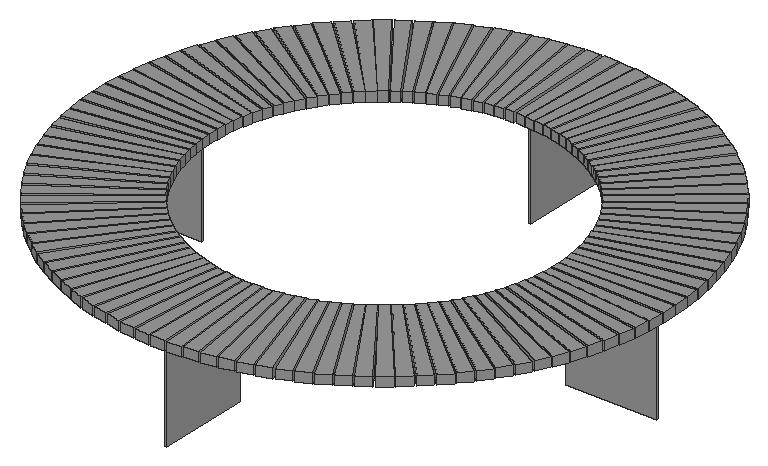
Revit family "Скамейка стальная круглая «Сол» без спинки Арт 12987", category Антураж, Revit 2018 (continued)
Definition of nested family "Скамейка стальная круглая «Сол» без спинки Арт 12987 2,5 м"
  Forms (mm)
    Extrusion 11, solid, material <- "Цвет лавки"
      sketch origin (-128.586, 934.563, 0) x (0.847011, -0.531575, 0) y (0.531575, 0.847011, 0)
        loop
          line (1018.406, 1749.774) -> (1030.677, 2249.624)
          arc (1030.677, 2249.624) -> (1000, 2250) -> (969.323, 2249.624) r 1250
          line (969.323, 2249.624) -> (981.594, 1749.774)
          arc (981.594, 1749.774) -> (1000, 1750) -> (1018.406, 1749.774) r 750
      from 410 to 450
    Extrusion 12, solid, material <- "Цвет лавки"
      sketch origin (-144.091, 1012.282, 0) x (0.815905, -0.578187, 0) y (0.578187, 0.815905, 0)
        loop
          line (1018.406, 1749.774) -> (1030.677, 2249.624)
          arc (1030.677, 2249.624) -> (1000, 2250) -> (969.323, 2249.624) r 1250
          line (969.323, 2249.624) -> (981.594, 1749.774)
          arc (981.594, 1749.774) -> (1000, 1750) -> (1018.406, 1749.774) r 750
      from 410 to 450
    Extrusion 13, solid, material <- "Цвет лавки"
      sketch origin (-155.218, 1090.748, 0) x (0.782235, -0.622983, 0) y (0.622983, 0.782235, 0)
        loop
          line (1018.406, 1749.774) -> (1030.677, 2249.624)
          arc (1030.677, 2249.624) -> (1000, 2250) -> (969.323, 2249.624) r 1250
          line (969.323, 2249.624) -> (981.594, 1749.774)
          arc (981.594, 1749.774) -> (1000, 1750) -> (1018.406, 1749.774) r 750
      from 410 to 450
    Extrusion 14, solid, material <- "Цвет лавки"
      sketch origin (-161.933, 1169.713, 0) x (0.74611, -0.665823, 0) y (0.665823, 0.74611, 0)
        loop
          line (1018.406, 1749.774) -> (1030.677, 2249.624)
          arc (1030.677, 2249.624) -> (1000, 2250) -> (969.323, 2249.624) r 1250
          line (969.323, 2249.624) -> (981.594, 1749.774)
          arc (981.594, 1749.774) -> (1000, 1750) -> (1018.406, 1749.774) r 750
      from 410 to 450
    Extrusion 15, solid, material <- "Цвет лавки"
      sketch origin (-164.213, 1248.931, 0) x (0.707641, -0.706572, 0) y (0.706572, 0.707641, 0)
        loop
          line (1018.406, 1749.774) -> (1030.677, 2249.624)
          arc (1030.677, 2249.624) -> (1000, 2250) -> (969.323, 2249.624) r 1250
          line (969.323, 2249.624) -> (981.594, 1749.774)
          arc (981.594, 1749.774) -> (1000, 1750) -> (1018.406, 1749.774) r 750
      from 410 to 450
    Extrusion 16, solid, material <- "Цвет лавки"
      sketch origin (-162.053, 1328.152, 0) x (0.66695, -0.745102, 0) y (0.745102, 0.66695, 0)
        loop
          line (1018.406, 1749.774) -> (1030.677, 2249.624)
          arc (1030.677, 2249.624) -> (1000, 2250) -> (969.323, 2249.624) r 1250
          line (969.323, 2249.624) -> (981.594, 1749.774)
          arc (981.594, 1749.774) -> (1000, 1750) -> (1018.406, 1749.774) r 750
      from 410 to 450
    Extrusion 17, solid, material <- "Цвет лавки"
      sketch origin (-155.458, 1407.127, 0) x (0.624165, -0.781292, 0) y (0.781292, 0.624165, 0)
        loop
          line (1018.406, 1749.774) -> (1030.677, 2249.624)
          arc (1030.677, 2249.624) -> (1000, 2250) -> (969.323, 2249.624) r 1250
          line (969.323, 2249.624) -> (981.594, 1749.774)
          arc (981.594, 1749.774) -> (1000, 1750) -> (1018.406, 1749.774) r 750
      from 410 to 450
    Extrusion 18, solid, material <- "Цвет лавки"
      sketch origin (-144.449, 1485.609, 0) x (0.57942, -0.815029, 0) y (0.815029, 0.57942, 0)
        loop
          line (1018.406, 1749.774) -> (1030.677, 2249.624)
          arc (1030.677, 2249.624) -> (1000, 2250) -> (969.323, 2249.624) r 1250
          line (969.323, 2249.624) -> (981.594, 1749.774)
          arc (981.594, 1749.774) -> (1000, 1750) -> (1018.406, 1749.774) r 750
      from 410 to 450
    Extrusion 19, solid, material <- "Цвет лавки"
      sketch origin (-129.062, 1563.352, 0) x (0.532855, -0.846207, 0) y (0.846207, 0.532855, 0)
        loop
          line (1018.406, 1749.774) -> (1030.677, 2249.624)
          arc (1030.677, 2249.624) -> (1000, 2250) -> (969.323, 2249.624) r 1250
          line (969.323, 2249.624) -> (981.594, 1749.774)
          arc (981.594, 1749.774) -> (1000, 1750) -> (1018.406, 1749.774) r 750
      from 410 to 450
    Extrusion 20, solid, material <- "Цвет лавки"
      sketch origin (-109.343, 1640.11, 0) x (0.484617, -0.874727, 0) y (0.874727, 0.484617, 0)
        loop
          line (1018.406, 1749.774) -> (1030.677, 2249.624)
          arc (1030.677, 2249.624) -> (1000, 2250) -> (969.323, 2249.624) r 1250
          line (969.323, 2249.624) -> (981.594, 1749.774)
          arc (981.594, 1749.774) -> (1000, 1750) -> (1018.406, 1749.774) r 750
      from 410 to 450
    Extrusion 21, solid, material <- "Цвет лавки"
      sketch origin (-85.356, 1715.643, 0) x (0.434857, -0.9005, 0) y (0.9005, 0.434857, 0)
        loop
          line (1018.406, 1749.774) -> (1030.677, 2249.624)
          arc (1030.677, 2249.624) -> (1000, 2250) -> (969.323, 2249.624) r 1250
          line (969.323, 2249.624) -> (981.594, 1749.774)
          arc (981.594, 1749.774) -> (1000, 1750) -> (1018.406, 1749.774) r 750
      from 410 to 450
    Extrusion 22, solid, material <- "Цвет лавки"
      sketch origin (-57.176, 1789.714, 0) x (0.383731, -0.923445, 0) y (0.923445, 0.383731, 0)
        loop
          line (1018.406, 1749.774) -> (1030.677, 2249.624)
          arc (1030.677, 2249.624) -> (1000, 2250) -> (969.323, 2249.624) r 1250
          line (969.323, 2249.624) -> (981.594, 1749.774)
          arc (981.594, 1749.774) -> (1000, 1750) -> (1018.406, 1749.774) r 750
      from 410 to 450
    Extrusion 23, solid, material <- "Цвет лавки"
      sketch origin (-24.891, 1862.09, 0) x (0.3314, -0.94349, 0) y (0.94349, 0.3314, 0)
        loop
          line (1018.406, 1749.774) -> (1030.677, 2249.624)
          arc (1030.677, 2249.624) -> (1000, 2250) -> (969.323, 2249.624) r 1250
          line (969.323, 2249.624) -> (981.594, 1749.774)
          arc (981.594, 1749.774) -> (1000, 1750) -> (1018.406, 1749.774) r 750
      from 410 to 450
    Extrusion 24, solid, material <- "Цвет лавки"
      sketch origin (11.398, 1932.544, 0) x (0.278029, -0.960573, 0) y (0.960573, 0.278029, 0)
        loop
          line (1018.406, 1749.774) -> (1030.677, 2249.624)
          arc (1030.677, 2249.624) -> (1000, 2250) -> (969.323, 2249.624) r 1250
          line (969.323, 2249.624) -> (981.594, 1749.774)
          arc (981.594, 1749.774) -> (1000, 1750) -> (1018.406, 1749.774) r 750
      from 410 to 450
    Extrusion 25, solid, material <- "Цвет лавки"
      sketch origin (51.577, 2000.854, 0) x (0.223784, -0.974639, 0) y (0.974639, 0.223784, 0)
        loop
          line (1018.406, 1749.774) -> (1030.677, 2249.624)
          arc (1030.677, 2249.624) -> (1000, 2250) -> (969.323, 2249.624) r 1250
          line (969.323, 2249.624) -> (981.594, 1749.774)
          arc (981.594, 1749.774) -> (1000, 1750) -> (1018.406, 1749.774) r 750
      from 410 to 450
    Extrusion 26, solid, material <- "Цвет лавки"
      sketch origin (95.519, 2066.807, 0) x (0.168837, -0.985644, 0) y (0.985644, 0.168837, 0)
        loop
          line (1018.406, 1749.774) -> (1030.677, 2249.624)
          arc (1030.677, 2249.624) -> (1000, 2250) -> (969.323, 2249.624) r 1250
          line (969.323, 2249.624) -> (981.594, 1749.774)
          arc (981.594, 1749.774) -> (1000, 1750) -> (1018.406, 1749.774) r 750
      from 410 to 450
    Extrusion 27, solid, material <- "Цвет лавки"
      sketch origin (143.086, 2130.194, 0) x (0.11336, -0.993554, 0) y (0.993554, 0.11336, 0)
        loop
          line (1018.406, 1749.774) -> (1030.677, 2249.624)
          arc (1030.677, 2249.624) -> (1000, 2250) -> (969.323, 2249.624) r 1250
          line (969.323, 2249.624) -> (981.594, 1749.774)
          arc (981.594, 1749.774) -> (1000, 1750) -> (1018.406, 1749.774) r 750
      from 410 to 450
    Extrusion 28, solid, material <- "Цвет лавки"
      sketch origin (194.13, 2190.818, 0) x (0.057526, -0.998344, 0) y (0.998344, 0.057526, 0)
        loop
          line (1018.406, 1749.774) -> (1030.677, 2249.624)
          arc (1030.677, 2249.624) -> (1000, 2250) -> (969.323, 2249.624) r 1250
          line (969.323, 2249.624) -> (981.594, 1749.774)
          arc (981.594, 1749.774) -> (1000, 1750) -> (1018.406, 1749.774) r 750
      from 410 to 450
    Extrusion 29, solid, material <- "Цвет лавки"
      sketch origin (248.489, 2248.487, 0) x (0.001512, -0.999999, 0) y (0.999999, 0.001512, 0)
        loop
          line (1018.406, 1749.774) -> (1030.677, 2249.624)
          arc (1030.677, 2249.624) -> (1000, 2250) -> (969.323, 2249.624) r 1250
          line (969.323, 2249.624) -> (981.594, 1749.774)
          arc (981.594, 1749.774) -> (1000, 1750) -> (1018.406, 1749.774) r 750
      from 410 to 450
    Extrusion 30, solid, material <- "Цвет лавки"
      sketch origin (305.993, 2303.02, 0) x (-0.054507, -0.998513, 0) y (0.998513, -0.054507, 0)
        loop
          line (1018.406, 1749.774) -> (1030.677, 2249.624)
          arc (1030.677, 2249.624) -> (1000, 2250) -> (969.323, 2249.624) r 1250
          line (969.323, 2249.624) -> (981.594, 1749.774)
          arc (981.594, 1749.774) -> (1000, 1750) -> (1018.406, 1749.774) r 750
      from 410 to 450
    Extrusion 31, solid, material <- "Цвет лавки"
      sketch origin (366.462, 2354.247, 0) x (-0.110354, -0.993892, 0) y (0.993892, -0.110354, 0)
        loop
          line (1018.406, 1749.774) -> (1030.677, 2249.624)
          arc (1030.677, 2249.624) -> (1000, 2250) -> (969.323, 2249.624) r 1250
          line (969.323, 2249.624) -> (981.594, 1749.774)
          arc (981.594, 1749.774) -> (1000, 1750) -> (1018.406, 1749.774) r 750
      from 410 to 450
    Extrusion 32, solid, material <- "Цвет лавки"
      sketch origin (429.705, 2402.005, 0) x (-0.165855, -0.98615, 0) y (0.98615, -0.165855, 0)
        loop
          line (1018.406, 1749.774) -> (1030.677, 2249.624)
          arc (1030.677, 2249.624) -> (1000, 2250) -> (969.323, 2249.624) r 1250
          line (969.323, 2249.624) -> (981.594, 1749.774)
          arc (981.594, 1749.774) -> (1000, 1750) -> (1018.406, 1749.774) r 750
      from 410 to 450
    Extrusion 33, solid, material <- "Цвет лавки"
      sketch origin (495.525, 2446.147, 0) x (-0.220836, -0.975311, 0) y (0.975311, -0.220836, 0)
        loop
          line (1018.406, 1749.774) -> (1030.677, 2249.624)
          arc (1030.677, 2249.624) -> (1000, 2250) -> (969.323, 2249.624) r 1250
          line (969.323, 2249.624) -> (981.594, 1749.774)
          arc (981.594, 1749.774) -> (1000, 1750) -> (1018.406, 1749.774) r 750
      from 410 to 450
    Extrusion 34, solid, material <- "Цвет лавки"
      sketch origin (563.713, 2486.532, 0) x (-0.275122, -0.961409, 0) y (0.961409, -0.275122, 0)
        loop
          line (1018.406, 1749.774) -> (1030.677, 2249.624)
          arc (1030.677, 2249.624) -> (1000, 2250) -> (969.323, 2249.624) r 1250
          line (969.323, 2249.624) -> (981.594, 1749.774)
          arc (981.594, 1749.774) -> (1000, 1750) -> (1018.406, 1749.774) r 750
      from 410 to 450
    Extrusion 35, solid, material <- "Цвет лавки"
      sketch origin (634.057, 2523.033, 0) x (-0.328545, -0.944488, 0) y (0.944488, -0.328545, 0)
        loop
          line (1018.406, 1749.774) -> (1030.677, 2249.624)
          arc (1030.677, 2249.624) -> (1000, 2250) -> (969.323, 2249.624) r 1250
          line (969.323, 2249.624) -> (981.594, 1749.774)
          arc (981.594, 1749.774) -> (1000, 1750) -> (1018.406, 1749.774) r 750
      from 410 to 450
    Extrusion 36, solid, material <- "Цвет лавки"
      sketch origin (706.335, 2555.538, 0) x (-0.380936, -0.924601, 0) y (0.924601, -0.380936, 0)
        loop
          line (1018.406, 1749.774) -> (1030.677, 2249.624)
          arc (1030.677, 2249.624) -> (1000, 2250) -> (969.323, 2249.624) r 1250
          line (969.323, 2249.624) -> (981.594, 1749.774)
          arc (981.594, 1749.774) -> (1000, 1750) -> (1018.406, 1749.774) r 750
      from 410 to 450
    Extrusion 37, solid, material <- "Цвет лавки"
      sketch origin (780.32, 2583.942, 0) x (-0.432131, -0.901811, 0) y (0.901811, -0.432131, 0)
        loop
          line (1018.406, 1749.774) -> (1030.677, 2249.624)
          arc (1030.677, 2249.624) -> (1000, 2250) -> (969.323, 2249.624) r 1250
          line (969.323, 2249.624) -> (981.594, 1749.774)
          arc (981.594, 1749.774) -> (1000, 1750) -> (1018.406, 1749.774) r 750
      from 410 to 450
    Extrusion 38, solid, material <- "Цвет лавки"
      sketch origin (855.781, 2608.157, 0) x (-0.481969, -0.876188, 0) y (0.876188, -0.481969, 0)
        loop
          line (1018.406, 1749.774) -> (1030.677, 2249.624)
          arc (1030.677, 2249.624) -> (1000, 2250) -> (969.323, 2249.624) r 1250
          line (969.323, 2249.624) -> (981.594, 1749.774)
          arc (981.594, 1749.774) -> (1000, 1750) -> (1018.406, 1749.774) r 750
      from 410 to 450
    Extrusion 39, solid, material <- "Цвет лавки"
      sketch origin (932.479, 2628.108, 0) x (-0.530293, -0.847814, 0) y (0.847814, -0.530293, 0)
        loop
          line (1018.406, 1749.774) -> (1030.677, 2249.624)
          arc (1030.677, 2249.624) -> (1000, 2250) -> (969.323, 2249.624) r 1250
          line (969.323, 2249.624) -> (981.594, 1749.774)
          arc (981.594, 1749.774) -> (1000, 1750) -> (1018.406, 1749.774) r 750
      from 410 to 450
    Extrusion 40, solid, material <- "Цвет лавки"
      sketch origin (1010.174, 2643.73, 0) x (-0.576952, -0.816778, 0) y (0.816778, -0.576952, 0)
        loop
          line (1018.406, 1749.774) -> (1030.677, 2249.624)
          arc (1030.677, 2249.624) -> (1000, 2250) -> (969.323, 2249.624) r 1250
          line (969.323, 2249.624) -> (981.594, 1749.774)
          arc (981.594, 1749.774) -> (1000, 1750) -> (1018.406, 1749.774) r 750
      from 410 to 450
    Extrusion 41, solid, material <- "Цвет лавки"
      sketch origin (1088.623, 2654.976, 0) x (-0.621799, -0.783177, 0) y (0.783177, -0.621799, 0)
        loop
          line (1018.406, 1749.774) -> (1030.677, 2249.624)
          arc (1030.677, 2249.624) -> (1000, 2250) -> (969.323, 2249.624) r 1250
          line (969.323, 2249.624) -> (981.594, 1749.774)
          arc (981.594, 1749.774) -> (1000, 1750) -> (1018.406, 1749.774) r 750
      from 410 to 450
    Extrusion 42, solid, material <- "Цвет лавки"
      sketch origin (1167.578, 2661.81, 0) x (-0.664694, -0.747116, 0) y (0.747116, -0.664694, 0)
        loop
          line (1018.406, 1749.774) -> (1030.677, 2249.624)
          arc (1030.677, 2249.624) -> (1000, 2250) -> (969.323, 2249.624) r 1250
          line (969.323, 2249.624) -> (981.594, 1749.774)
          arc (981.594, 1749.774) -> (1000, 1750) -> (1018.406, 1749.774) r 750
      from 410 to 450
    Extrusion 43, solid, material <- "Цвет лавки"
      sketch origin (1246.792, 2664.21, 0) x (-0.705501, -0.708709, 0) y (0.708709, -0.705501, 0)
        loop
          line (1018.406, 1749.774) -> (1030.677, 2249.624)
          arc (1030.677, 2249.624) -> (1000, 2250) -> (969.323, 2249.624) r 1250
          line (969.323, 2249.624) -> (981.594, 1749.774)
          arc (981.594, 1749.774) -> (1000, 1750) -> (1018.406, 1749.774) r 750
      from 410 to 450
    Extrusion 44, solid, material <- "Цвет лавки"
      sketch origin (1326.016, 2662.169, 0) x (-0.744093, -0.668076, 0) y (0.668076, -0.744093, 0)
        loop
          line (1018.406, 1749.774) -> (1030.677, 2249.624)
          arc (1030.677, 2249.624) -> (1000, 2250) -> (969.323, 2249.624) r 1250
          line (969.323, 2249.624) -> (981.594, 1749.774)
          arc (981.594, 1749.774) -> (1000, 1750) -> (1018.406, 1749.774) r 750
      from 410 to 450
    Extrusion 45, solid, material <- "Цвет лавки"
      sketch origin (1405.002, 2655.694, 0) x (-0.780348, -0.625346, 0) y (0.625346, -0.780348, 0)
        loop
          line (1018.406, 1749.774) -> (1030.677, 2249.624)
          arc (1030.677, 2249.624) -> (1000, 2250) -> (969.323, 2249.624) r 1250
          line (969.323, 2249.624) -> (981.594, 1749.774)
          arc (981.594, 1749.774) -> (1000, 1750) -> (1018.406, 1749.774) r 750
      from 410 to 450
    Extrusion 46, solid, material <- "Цвет лавки"
      sketch origin (1483.5, 2644.804, 0) x (-0.814152, -0.580652, 0) y (0.580652, -0.814152, 0)
        loop
          line (1018.406, 1749.774) -> (1030.677, 2249.624)
          arc (1030.677, 2249.624) -> (1000, 2250) -> (969.323, 2249.624) r 1250
          line (969.323, 2249.624) -> (981.594, 1749.774)
          arc (981.594, 1749.774) -> (1000, 1750) -> (1018.406, 1749.774) r 750
      from 410 to 450
    Extrusion 47, solid, material <- "Цвет лавки"
      sketch origin (1561.266, 2629.534, 0) x (-0.8454, -0.534134, 0) y (0.534134, -0.8454, 0)
        loop
          line (1018.406, 1749.774) -> (1030.677, 2249.624)
          arc (1030.677, 2249.624) -> (1000, 2250) -> (969.323, 2249.624) r 1250
          line (969.323, 2249.624) -> (981.594, 1749.774)
          arc (981.594, 1749.774) -> (1000, 1750) -> (1018.406, 1749.774) r 750
      from 410 to 450
    Extrusion 48, solid, material <- "Цвет лавки"
      sketch origin (1638.054, 2609.932, 0) x (-0.873993, -0.485939, 0) y (0.485939, -0.873993, 0)
        loop
          line (1018.406, 1749.774) -> (1030.677, 2249.624)
          arc (1030.677, 2249.624) -> (1000, 2250) -> (969.323, 2249.624) r 1250
          line (969.323, 2249.624) -> (981.594, 1749.774)
          arc (981.594, 1749.774) -> (1000, 1750) -> (1018.406, 1749.774) r 750
      from 410 to 450
    Extrusion 49, solid, material <- "Цвет лавки"
      sketch origin (1713.623, 2586.059, 0) x (-0.899841, -0.436218, 0) y (0.436218, -0.899841, 0)
        loop
          line (1018.406, 1749.774) -> (1030.677, 2249.624)
          arc (1030.677, 2249.624) -> (1000, 2250) -> (969.323, 2249.624) r 1250
          line (969.323, 2249.624) -> (981.594, 1749.774)
          arc (981.594, 1749.774) -> (1000, 1750) -> (1018.406, 1749.774) r 750
      from 410 to 450
    Extrusion 50, solid, material <- "Цвет лавки"
      sketch origin (1787.736, 2557.991, 0) x (-0.922864, -0.385127, 0) y (0.385127, -0.922864, 0)
        loop
          line (1018.406, 1749.774) -> (1030.677, 2249.624)
          arc (1030.677, 2249.624) -> (1000, 2250) -> (969.323, 2249.624) r 1250
          line (969.323, 2249.624) -> (981.594, 1749.774)
          arc (981.594, 1749.774) -> (1000, 1750) -> (1018.406, 1749.774) r 750
      from 410 to 450
    Extrusion 51, solid, material <- "Цвет лавки"
      sketch origin (1860.161, 2525.815, 0) x (-0.942988, -0.332827, 0) y (0.332827, -0.942988, 0)
        loop
          line (1018.406, 1749.774) -> (1030.677, 2249.624)
          arc (1030.677, 2249.624) -> (1000, 2250) -> (969.323, 2249.624) r 1250
          line (969.323, 2249.624) -> (981.594, 1749.774)
          arc (981.594, 1749.774) -> (1000, 1750) -> (1018.406, 1749.774) r 750
      from 410 to 450
    Extrusion 52, solid, material <- "Цвет лавки"
      sketch origin (1930.67, 2489.632, 0) x (-0.960151, -0.279481, 0) y (0.279481, -0.960151, 0)
        loop
          line (1018.406, 1749.774) -> (1030.677, 2249.624)
          arc (1030.677, 2249.624) -> (1000, 2250) -> (969.323, 2249.624) r 1250
          line (969.323, 2249.624) -> (981.594, 1749.774)
          arc (981.594, 1749.774) -> (1000, 1750) -> (1018.406, 1749.774) r 750
      from 410 to 450
    Extrusion 53, solid, material <- "Цвет лавки"
      sketch origin (1999.041, 2449.557, 0) x (-0.974299, -0.225258, 0) y (0.225258, -0.974299, 0)
        loop
          line (1018.406, 1749.774) -> (1030.677, 2249.624)
          arc (1030.677, 2249.624) -> (1000, 2250) -> (969.323, 2249.624) r 1250
          line (969.323, 2249.624) -> (981.594, 1749.774)
          arc (981.594, 1749.774) -> (1000, 1750) -> (1018.406, 1749.774) r 750
      from 410 to 450
    Extrusion 54, solid, material <- "Цвет лавки"
      sketch origin (2065.06, 2405.715, 0) x (-0.985387, -0.170328, 0) y (0.170328, -0.985387, 0)
        loop
          line (1018.406, 1749.774) -> (1030.677, 2249.624)
          arc (1030.677, 2249.624) -> (1000, 2250) -> (969.323, 2249.624) r 1250
          line (969.323, 2249.624) -> (981.594, 1749.774)
          arc (981.594, 1749.774) -> (1000, 1750) -> (1018.406, 1749.774) r 750
      from 410 to 450
    Extrusion 55, solid, material <- "Цвет лавки"
      sketch origin (2128.519, 2358.244, 0) x (-0.993381, -0.114862, 0) y (0.114862, -0.993381, 0)
        loop
          line (1018.406, 1749.774) -> (1030.677, 2249.624)
          arc (1030.677, 2249.624) -> (1000, 2250) -> (969.323, 2249.624) r 1250
          line (969.323, 2249.624) -> (981.594, 1749.774)
          arc (981.594, 1749.774) -> (1000, 1750) -> (1018.406, 1749.774) r 750
      from 410 to 450
    Extrusion 56, solid, material <- "Цвет лавки"
      sketch origin (2189.22, 2307.292, 0) x (-0.998256, -0.059036, 0) y (0.059036, -0.998256, 0)
        loop
          line (1018.406, 1749.774) -> (1030.677, 2249.624)
          arc (1030.677, 2249.624) -> (1000, 2250) -> (969.323, 2249.624) r 1250
          line (969.323, 2249.624) -> (981.594, 1749.774)
          arc (981.594, 1749.774) -> (1000, 1750) -> (1018.406, 1749.774) r 750
      from 410 to 450
    Extrusion 57, solid, material <- "Цвет лавки"
      sketch origin (2246.971, 2253.02, 0) x (-0.999995, -0.003025, 0) y (0.003025, -0.999995, 0)
        loop
          line (1018.406, 1749.774) -> (1030.677, 2249.624)
          arc (1030.677, 2249.624) -> (1000, 2250) -> (969.323, 2249.624) r 1250
          line (969.323, 2249.624) -> (981.594, 1749.774)
          arc (981.594, 1749.774) -> (1000, 1750) -> (1018.406, 1749.774) r 750
      from 410 to 450
    Extrusion 58, solid, material <- "Цвет лавки"
      sketch origin (2301.591, 2195.598, 0) x (-0.998595, 0.052996, 0) y (-0.052996, -0.998595, 0)
        loop
          line (1018.406, 1749.774) -> (1030.677, 2249.624)
          arc (1030.677, 2249.624) -> (1000, 2250) -> (969.323, 2249.624) r 1250
          line (969.323, 2249.624) -> (981.594, 1749.774)
          arc (981.594, 1749.774) -> (1000, 1750) -> (1018.406, 1749.774) r 750
      from 410 to 450
    Extrusion 59, solid, material <- "Цвет лавки"
      sketch origin (2352.909, 2135.207, 0) x (-0.994058, 0.108851, 0) y (-0.108851, -0.994058, 0)
        loop
          line (1018.406, 1749.774) -> (1030.677, 2249.624)
          arc (1030.677, 2249.624) -> (1000, 2250) -> (969.323, 2249.624) r 1250
          line (969.323, 2249.624) -> (981.594, 1749.774)
          arc (981.594, 1749.774) -> (1000, 1750) -> (1018.406, 1749.774) r 750
      from 410 to 450
    Extrusion 60, solid, material <- "Цвет лавки"
      sketch origin (2400.764, 2072.036, 0) x (-0.9864, 0.164364, 0) y (-0.164364, -0.9864, 0)
        loop
          line (1018.406, 1749.774) -> (1030.677, 2249.624)
          arc (1030.677, 2249.624) -> (1000, 2250) -> (969.323, 2249.624) r 1250
          line (969.323, 2249.624) -> (981.594, 1749.774)
          arc (981.594, 1749.774) -> (1000, 1750) -> (1018.406, 1749.774) r 750
      from 410 to 450
    Extrusion 61, solid, material <- "Цвет лавки"
      sketch origin (2445.004, 2006.283, 0) x (-0.975644, 0.21936, 0) y (-0.21936, -0.975644, 0)
        loop
          line (1018.406, 1749.774) -> (1030.677, 2249.624)
          arc (1030.677, 2249.624) -> (1000, 2250) -> (969.323, 2249.624) r 1250
          line (969.323, 2249.624) -> (981.594, 1749.774)
          arc (981.594, 1749.774) -> (1000, 1750) -> (1018.406, 1749.774) r 750
      from 410 to 450
    Extrusion 62, solid, material <- "Цвет лавки"
      sketch origin (2485.492, 1938.156, 0) x (-0.961824, 0.273668, 0) y (-0.273668, -0.961824, 0)
        loop
          line (1018.406, 1749.774) -> (1030.677, 2249.624)
          arc (1030.677, 2249.624) -> (1000, 2250) -> (969.323, 2249.624) r 1250
          line (969.323, 2249.624) -> (981.594, 1749.774)
          arc (981.594, 1749.774) -> (1000, 1750) -> (1018.406, 1749.774) r 750
      from 410 to 450
    Extrusion 63, solid, material <- "Цвет лавки"
      sketch origin (2522.101, 1867.867, 0) x (-0.944984, 0.327117, 0) y (-0.327117, -0.944984, 0)
        loop
          line (1018.406, 1749.774) -> (1030.677, 2249.624)
          arc (1030.677, 2249.624) -> (1000, 2250) -> (969.323, 2249.624) r 1250
          line (969.323, 2249.624) -> (981.594, 1749.774)
          arc (981.594, 1749.774) -> (1000, 1750) -> (1018.406, 1749.774) r 750
      from 410 to 450
    Extrusion 64, solid, material <- "Цвет лавки"
      sketch origin (2554.714, 1795.639, 0) x (-0.925176, 0.379538, 0) y (-0.379538, -0.925176, 0)
        loop
          line (1018.406, 1749.774) -> (1030.677, 2249.624)
          arc (1030.677, 2249.624) -> (1000, 2250) -> (969.323, 2249.624) r 1250
          line (969.323, 2249.624) -> (981.594, 1749.774)
          arc (981.594, 1749.774) -> (1000, 1750) -> (1018.406, 1749.774) r 750
      from 410 to 450
    Extrusion 65, solid, material <- "Цвет лавки"
      sketch origin (2583.23, 1721.696, 0) x (-0.902463, 0.430767, 0) y (-0.430767, -0.902463, 0)
        loop
          line (1018.406, 1749.774) -> (1030.677, 2249.624)
          arc (1030.677, 2249.624) -> (1000, 2250) -> (969.323, 2249.624) r 1250
          line (969.323, 2249.624) -> (981.594, 1749.774)
          arc (981.594, 1749.774) -> (1000, 1750) -> (1018.406, 1749.774) r 750
      from 410 to 450
    Extrusion 66, solid, material <- "Цвет лавки"
      sketch origin (2607.56, 1646.273, 0) x (-0.876916, 0.480643, 0) y (-0.480643, -0.876916, 0)
        loop
          line (1018.406, 1749.774) -> (1030.677, 2249.624)
          arc (1030.677, 2249.624) -> (1000, 2250) -> (969.323, 2249.624) r 1250
          line (969.323, 2249.624) -> (981.594, 1749.774)
          arc (981.594, 1749.774) -> (1000, 1750) -> (1018.406, 1749.774) r 750
      from 410 to 450
    Extrusion 67, solid, material <- "Цвет лавки"
      sketch origin (2627.626, 1569.605, 0) x (-0.848615, 0.52901, 0) y (-0.52901, -0.848615, 0)
        loop
          line (1018.406, 1749.774) -> (1030.677, 2249.624)
          arc (1030.677, 2249.624) -> (1000, 2250) -> (969.323, 2249.624) r 1250
          line (969.323, 2249.624) -> (981.594, 1749.774)
          arc (981.594, 1749.774) -> (1000, 1750) -> (1018.406, 1749.774) r 750
      from 410 to 450
    Extrusion 68, solid, material <- "Цвет лавки"
      sketch origin (2643.366, 1491.933, 0) x (-0.81765, 0.575716, 0) y (-0.575716, -0.81765, 0)
        loop
          line (1018.406, 1749.774) -> (1030.677, 2249.624)
          arc (1030.677, 2249.624) -> (1000, 2250) -> (969.323, 2249.624) r 1250
          line (969.323, 2249.624) -> (981.594, 1749.774)
          arc (981.594, 1749.774) -> (1000, 1750) -> (1018.406, 1749.774) r 750
      from 410 to 450
    Extrusion 69, solid, material <- "Цвет лавки"
      sketch origin (2654.73, 1413.502, 0) x (-0.784116, 0.620614, 0) y (-0.620614, -0.784116, 0)
        loop
          line (1018.406, 1749.774) -> (1030.677, 2249.624)
          arc (1030.677, 2249.624) -> (1000, 2250) -> (969.323, 2249.624) r 1250
          line (969.323, 2249.624) -> (981.594, 1749.774)
          arc (981.594, 1749.774) -> (1000, 1750) -> (1018.406, 1749.774) r 750
      from 410 to 450
    Extrusion 70, solid, material <- "Цвет лавки"
      sketch origin (2661.683, 1334.557, 0) x (-0.74812, 0.663563, 0) y (-0.663563, -0.74812, 0)
        loop
          line (1018.406, 1749.774) -> (1030.677, 2249.624)
          arc (1030.677, 2249.624) -> (1000, 2250) -> (969.323, 2249.624) r 1250
          line (969.323, 2249.624) -> (981.594, 1749.774)
          arc (981.594, 1749.774) -> (1000, 1750) -> (1018.406, 1749.774) r 750
      from 410 to 450
    Extrusion 71, solid, material <- "Цвет лавки"
      sketch origin (2664.203, 1255.347, 0) x (-0.709775, 0.704428, 0) y (-0.704428, -0.709775, 0)
        loop
          line (1018.406, 1749.774) -> (1030.677, 2249.624)
          arc (1030.677, 2249.624) -> (1000, 2250) -> (969.323, 2249.624) r 1250
          line (969.323, 2249.624) -> (981.594, 1749.774)
          arc (981.594, 1749.774) -> (1000, 1750) -> (1018.406, 1749.774) r 750
      from 410 to 450
    Extrusion 72, solid, material <- "Цвет лавки"
      sketch origin (2662.282, 1176.12, 0) x (-0.669201, 0.743081, 0) y (-0.743081, -0.669201, 0)
        loop
          line (1018.406, 1749.774) -> (1030.677, 2249.624)
          arc (1030.677, 2249.624) -> (1000, 2250) -> (969.323, 2249.624) r 1250
          line (969.323, 2249.624) -> (981.594, 1749.774)
          arc (981.594, 1749.774) -> (1000, 1750) -> (1018.406, 1749.774) r 750
      from 410 to 450
    Extrusion 73, solid, material <- "Цвет лавки"
      sketch origin (2655.926, 1097.124, 0) x (-0.626525, 0.779401, 0) y (-0.779401, -0.626525, 0)
        loop
          line (1018.406, 1749.774) -> (1030.677, 2249.624)
          arc (1030.677, 2249.624) -> (1000, 2250) -> (969.323, 2249.624) r 1250
          line (969.323, 2249.624) -> (981.594, 1749.774)
          arc (981.594, 1749.774) -> (1000, 1750) -> (1018.406, 1749.774) r 750
      from 410 to 450
    Extrusion 74, solid, material <- "Цвет лавки"
      sketch origin (2645.155, 1018.609, 0) x (-0.581882, 0.813273, 0) y (-0.813273, -0.581882, 0)
        loop
          line (1018.406, 1749.774) -> (1030.677, 2249.624)
          arc (1030.677, 2249.624) -> (1000, 2250) -> (969.323, 2249.624) r 1250
          line (969.323, 2249.624) -> (981.594, 1749.774)
          arc (981.594, 1749.774) -> (1000, 1750) -> (1018.406, 1749.774) r 750
      from 410 to 450
    Extrusion 75, solid, material <- "Цвет лавки"
      sketch origin (2630.003, 940.821, 0) x (-0.535412, 0.844591, 0) y (-0.844591, -0.535412, 0)
        loop
          line (1018.406, 1749.774) -> (1030.677, 2249.624)
          arc (1030.677, 2249.624) -> (1000, 2250) -> (969.323, 2249.624) r 1250
          line (969.323, 2249.624) -> (981.594, 1749.774)
          arc (981.594, 1749.774) -> (1000, 1750) -> (1018.406, 1749.774) r 750
      from 410 to 450
    Extrusion 76, solid, material <- "Цвет лавки"
      sketch origin (2610.517, 864.003, 0) x (-0.48726, 0.873257, 0) y (-0.873257, -0.48726, 0)
        loop
          line (1018.406, 1749.774) -> (1030.677, 2249.624)
          arc (1030.677, 2249.624) -> (1000, 2250) -> (969.323, 2249.624) r 1250
          line (969.323, 2249.624) -> (981.594, 1749.774)
          arc (981.594, 1749.774) -> (1000, 1750) -> (1018.406, 1749.774) r 750
      from 410 to 450
    Extrusion 77, solid, material <- "Цвет лавки"
      sketch origin (2586.759, 788.398, 0) x (-0.437578, 0.89918, 0) y (-0.89918, -0.437578, 0)
        loop
          line (1018.406, 1749.774) -> (1030.677, 2249.624)
          arc (1030.677, 2249.624) -> (1000, 2250) -> (969.323, 2249.624) r 1250
          line (969.323, 2249.624) -> (981.594, 1749.774)
          arc (981.594, 1749.774) -> (1000, 1750) -> (1018.406, 1749.774) r 750
      from 410 to 450
    Extrusion 78, solid, material <- "Цвет лавки"
      sketch origin (2558.802, 714.242, 0) x (-0.386522, 0.92228, 0) y (-0.92228, -0.386522, 0)
        loop
          line (1018.406, 1749.774) -> (1030.677, 2249.624)
          arc (1030.677, 2249.624) -> (1000, 2250) -> (969.323, 2249.624) r 1250
          line (969.323, 2249.624) -> (981.594, 1749.774)
          arc (981.594, 1749.774) -> (1000, 1750) -> (1018.406, 1749.774) r 750
      from 410 to 450
    Extrusion 79, solid, material <- "Цвет лавки"
      sketch origin (2526.736, 641.769, 0) x (-0.334252, 0.942484, 0) y (-0.942484, -0.334252, 0)
        loop
          line (1018.406, 1749.774) -> (1030.677, 2249.624)
          arc (1030.677, 2249.624) -> (1000, 2250) -> (969.323, 2249.624) r 1250
          line (969.323, 2249.624) -> (981.594, 1749.774)
          arc (981.594, 1749.774) -> (1000, 1750) -> (1018.406, 1749.774) r 750
      from 410 to 450
    Extrusion 80, solid, material <- "Цвет лавки"
      sketch origin (2490.66, 571.206, 0) x (-0.280933, 0.959727, 0) y (-0.959727, -0.280933, 0)
        loop
          line (1018.406, 1749.774) -> (1030.677, 2249.624)
          arc (1030.677, 2249.624) -> (1000, 2250) -> (969.323, 2249.624) r 1250
          line (969.323, 2249.624) -> (981.594, 1749.774)
          arc (981.594, 1749.774) -> (1000, 1750) -> (1018.406, 1749.774) r 750
      from 410 to 450
    Extrusion 81, solid, material <- "Цвет лавки"
      sketch origin (2450.689, 502.774, 0) x (-0.226731, 0.973957, 0) y (-0.973957, -0.226731, 0)
        loop
          line (1018.406, 1749.774) -> (1030.677, 2249.624)
          arc (1030.677, 2249.624) -> (1000, 2250) -> (969.323, 2249.624) r 1250
          line (969.323, 2249.624) -> (981.594, 1749.774)
          arc (981.594, 1749.774) -> (1000, 1750) -> (1018.406, 1749.774) r 750
      from 410 to 450
    Extrusion 82, solid, material <- "Цвет лавки"
      sketch origin (2406.946, 436.689, 0) x (-0.171818, 0.985129, 0) y (-0.985129, -0.171818, 0)
        loop
          line (1018.406, 1749.774) -> (1030.677, 2249.624)
          arc (1030.677, 2249.624) -> (1000, 2250) -> (969.323, 2249.624) r 1250
          line (969.323, 2249.624) -> (981.594, 1749.774)
          arc (981.594, 1749.774) -> (1000, 1750) -> (1018.406, 1749.774) r 750
      from 410 to 450
    Extrusion 83, solid, material <- "Цвет лавки"
      sketch origin (2359.571, 373.158, 0) x (-0.116364, 0.993207, 0) y (-0.993207, -0.116364, 0)
        loop
          line (1018.406, 1749.774) -> (1030.677, 2249.624)
          arc (1030.677, 2249.624) -> (1000, 2250) -> (969.323, 2249.624) r 1250
          line (969.323, 2249.624) -> (981.594, 1749.774)
          arc (981.594, 1749.774) -> (1000, 1750) -> (1018.406, 1749.774) r 750
      from 410 to 450
    Extrusion 84, solid, material <- "Цвет лавки"
      sketch origin (2308.711, 312.38, 0) x (-0.060546, 0.998165, 0) y (-0.998165, -0.060546, 0)
        loop
          line (1018.406, 1749.774) -> (1030.677, 2249.624)
          arc (1030.677, 2249.624) -> (1000, 2250) -> (969.323, 2249.624) r 1250
          line (969.323, 2249.624) -> (981.594, 1749.774)
          arc (981.594, 1749.774) -> (1000, 1750) -> (1018.406, 1749.774) r 750
      from 410 to 450
    Extrusion 85, solid, material <- "Цвет лавки"
      sketch origin (2254.527, 254.547, 0) x (-0.004537, 0.99999, 0) y (-0.99999, -0.004537, 0)
        loop
          line (1018.406, 1749.774) -> (1030.677, 2249.624)
          arc (1030.677, 2249.624) -> (1000, 2250) -> (969.323, 2249.624) r 1250
          line (969.323, 2249.624) -> (981.594, 1749.774)
          arc (981.594, 1749.774) -> (1000, 1750) -> (1018.406, 1749.774) r 750
      from 410 to 450
    Extrusion 86, solid, material <- "Цвет лавки"
      sketch origin (2197.187, 199.84, 0) x (0.051486, 0.998674, 0) y (-0.998674, 0.051486, 0)
        loop
          line (1018.406, 1749.774) -> (1030.677, 2249.624)
          arc (1030.677, 2249.624) -> (1000, 2250) -> (969.323, 2249.624) r 1250
          line (969.323, 2249.624) -> (981.594, 1749.774)
          arc (981.594, 1749.774) -> (1000, 1750) -> (1018.406, 1749.774) r 750
      from 410 to 450
    Extrusion 87, solid, material <- "Цвет лавки"
      sketch origin (2136.874, 148.431, 0) x (0.107348, 0.994222, 0) y (-0.994222, 0.107348, 0)
        loop
          line (1018.406, 1749.774) -> (1030.677, 2249.624)
          arc (1030.677, 2249.624) -> (1000, 2250) -> (969.323, 2249.624) r 1250
          line (969.323, 2249.624) -> (981.594, 1749.774)
          arc (981.594, 1749.774) -> (1000, 1750) -> (1018.406, 1749.774) r 750
      from 410 to 450
    Extrusion 88, solid, material <- "Цвет лавки"
      sketch origin (2073.775, 100.481, 0) x (0.162872, 0.986647, 0) y (-0.986647, 0.162872, 0)
        loop
          line (1018.406, 1749.774) -> (1030.677, 2249.624)
          arc (1030.677, 2249.624) -> (1000, 2250) -> (969.323, 2249.624) r 1250
          line (969.323, 2249.624) -> (981.594, 1749.774)
          arc (981.594, 1749.774) -> (1000, 1750) -> (1018.406, 1749.774) r 750
      from 410 to 450
    Extrusion 89, solid, material <- "Цвет лавки"
      sketch origin (2008.09, 56.141, 0) x (0.217885, 0.975975, 0) y (-0.975975, 0.217885, 0)
        loop
          line (1018.406, 1749.774) -> (1030.677, 2249.624)
          arc (1030.677, 2249.624) -> (1000, 2250) -> (969.323, 2249.624) r 1250
          line (969.323, 2249.624) -> (981.594, 1749.774)
          arc (981.594, 1749.774) -> (1000, 1750) -> (1018.406, 1749.774) r 750
      from 410 to 450
    Extrusion 90, solid, material <- "Цвет лавки"
      sketch origin (1940.024, 15.55, 0) x (0.272213, 0.962237, 0) y (-0.962237, 0.272213, 0)
        loop
          line (1018.406, 1749.774) -> (1030.677, 2249.624)
          arc (1030.677, 2249.624) -> (1000, 2250) -> (969.323, 2249.624) r 1250
          line (969.323, 2249.624) -> (981.594, 1749.774)
          arc (981.594, 1749.774) -> (1000, 1750) -> (1018.406, 1749.774) r 750
      from 410 to 450
    Extrusion 91, solid, material <- "Цвет лавки"
      sketch origin (1869.791, -21.165, 0) x (0.325687, 0.945478, 0) y (-0.945478, 0.325687, 0)
        loop
          line (1018.406, 1749.774) -> (1030.677, 2249.624)
          arc (1030.677, 2249.624) -> (1000, 2250) -> (969.323, 2249.624) r 1250
          line (969.323, 2249.624) -> (981.594, 1749.774)
          arc (981.594, 1749.774) -> (1000, 1750) -> (1018.406, 1749.774) r 750
      from 410 to 450
    Extrusion 92, solid, material <- "Цвет лавки"
      sketch origin (1797.611, -53.887, 0) x (0.378138, 0.925749, 0) y (-0.925749, 0.378138, 0)
        loop
          line (1018.406, 1749.774) -> (1030.677, 2249.624)
          arc (1030.677, 2249.624) -> (1000, 2250) -> (969.323, 2249.624) r 1250
          line (969.323, 2249.624) -> (981.594, 1749.774)
          arc (981.594, 1749.774) -> (1000, 1750) -> (1018.406, 1749.774) r 750
      from 410 to 450
    Extrusion 93, solid, material <- "Цвет лавки"
      sketch origin (1723.712, -82.515, 0) x (0.429402, 0.903114, 0) y (-0.903114, 0.429402, 0)
        loop
          line (1018.406, 1749.774) -> (1030.677, 2249.624)
          arc (1030.677, 2249.624) -> (1000, 2250) -> (969.323, 2249.624) r 1250
          line (969.323, 2249.624) -> (981.594, 1749.774)
          arc (981.594, 1749.774) -> (1000, 1750) -> (1018.406, 1749.774) r 750
      from 410 to 450
    Extrusion 94, solid, material <- "Цвет лавки"
      sketch origin (1648.325, -106.959, 0) x (0.479317, 0.877642, 0) y (-0.877642, 0.479317, 0)
        loop
          line (1018.406, 1749.774) -> (1030.677, 2249.624)
          arc (1030.677, 2249.624) -> (1000, 2250) -> (969.323, 2249.624) r 1250
          line (969.323, 2249.624) -> (981.594, 1749.774)
          arc (981.594, 1749.774) -> (1000, 1750) -> (1018.406, 1749.774) r 750
      from 410 to 450
    Extrusion 95, solid, material <- "Цвет лавки"
      sketch origin (1571.688, -127.141, 0) x (0.527726, 0.849414, 0) y (-0.849414, 0.527726, 0)
        loop
          line (1018.406, 1749.774) -> (1030.677, 2249.624)
          arc (1030.677, 2249.624) -> (1000, 2250) -> (969.323, 2249.624) r 1250
          line (969.323, 2249.624) -> (981.594, 1749.774)
          arc (981.594, 1749.774) -> (1000, 1750) -> (1018.406, 1749.774) r 750
      from 410 to 450
    Extrusion 96, solid, material <- "Цвет лавки"
      sketch origin (1494.04, -142.998, 0) x (0.574479, 0.818519, 0) y (-0.818519, 0.574479, 0)
        loop
          line (1018.406, 1749.774) -> (1030.677, 2249.624)
          arc (1030.677, 2249.624) -> (1000, 2250) -> (969.323, 2249.624) r 1250
          line (969.323, 2249.624) -> (981.594, 1749.774)
          arc (981.594, 1749.774) -> (1000, 1750) -> (1018.406, 1749.774) r 750
      from 410 to 450
    Extrusion 97, solid, material <- "Цвет лавки"
      sketch origin (1415.626, -154.481, 0) x (0.619428, 0.785054, 0) y (-0.785054, 0.619428, 0)
        loop
          line (1018.406, 1749.774) -> (1030.677, 2249.624)
          arc (1030.677, 2249.624) -> (1000, 2250) -> (969.323, 2249.624) r 1250
          line (969.323, 2249.624) -> (981.594, 1749.774)
          arc (981.594, 1749.774) -> (1000, 1750) -> (1018.406, 1749.774) r 750
      from 410 to 450
    Extrusion 98, solid, material <- "Цвет лавки"
      sketch origin (1336.692, -161.554, 0) x (0.662431, 0.749123, 0) y (-0.749123, 0.662431, 0)
        loop
          line (1018.406, 1749.774) -> (1030.677, 2249.624)
          arc (1030.677, 2249.624) -> (1000, 2250) -> (969.323, 2249.624) r 1250
          line (969.323, 2249.624) -> (981.594, 1749.774)
          arc (981.594, 1749.774) -> (1000, 1750) -> (1018.406, 1749.774) r 750
      from 410 to 450
    Extrusion 99, solid, material <- "Цвет лавки"
      sketch origin (1257.485, -164.194, 0) x (0.703354, 0.71084, 0) y (-0.71084, 0.703354, 0)
        loop
          line (1018.406, 1749.774) -> (1030.677, 2249.624)
          arc (1030.677, 2249.624) -> (1000, 2250) -> (969.323, 2249.624) r 1250
          line (969.323, 2249.624) -> (981.594, 1749.774)
          arc (981.594, 1749.774) -> (1000, 1750) -> (1018.406, 1749.774) r 750
      from 410 to 450
    Extrusion 100, solid, material <- "Цвет лавки"
      sketch origin (1178.255, -162.393, 0) x (0.742069, 0.670324, 0) y (-0.670324, 0.742069, 0)
        loop
          line (1018.406, 1749.774) -> (1030.677, 2249.624)
          arc (1030.677, 2249.624) -> (1000, 2250) -> (969.323, 2249.624) r 1250
          line (969.323, 2249.624) -> (981.594, 1749.774)
          arc (981.594, 1749.774) -> (1000, 1750) -> (1018.406, 1749.774) r 750
      from 410 to 450
    Extrusion 101, solid, material <- "Цвет лавки"
      sketch origin (1099.251, -156.156, 0) x (0.778453, 0.627703, 0) y (-0.627703, 0.778453, 0)
        loop
          line (1018.406, 1749.774) -> (1030.677, 2249.624)
          arc (1030.677, 2249.624) -> (1000, 2250) -> (969.323, 2249.624) r 1250
          line (969.323, 2249.624) -> (981.594, 1749.774)
          arc (981.594, 1749.774) -> (1000, 1750) -> (1018.406, 1749.774) r 750
      from 410 to 450
    Extrusion 102, solid, material <- "Цвет лавки"
      sketch origin (1020.719, -145.504, 0) x (0.812392, 0.583112, 0) y (-0.583112, 0.812392, 0)
        loop
          line (1018.406, 1749.774) -> (1030.677, 2249.624)
          arc (1030.677, 2249.624) -> (1000, 2250) -> (969.323, 2249.624) r 1250
          line (969.323, 2249.624) -> (981.594, 1749.774)
          arc (981.594, 1749.774) -> (1000, 1750) -> (1018.406, 1749.774) r 750
      from 410 to 450
    Extrusion 103, solid, material <- "Цвет лавки"
      sketch origin (942.908, -130.469, 0) x (0.84378, 0.536689, 0) y (-0.536689, 0.84378, 0)
        loop
          line (1018.406, 1749.774) -> (1030.677, 2249.624)
          arc (1030.677, 2249.624) -> (1000, 2250) -> (969.323, 2249.624) r 1250
          line (969.323, 2249.624) -> (981.594, 1749.774)
          arc (981.594, 1749.774) -> (1000, 1750) -> (1018.406, 1749.774) r 750
      from 410 to 450
    Extrusion 104, solid, material <- "Цвет лавки"
      sketch origin (866.061, -111.099, 0) x (0.872519, 0.48858, 0) y (-0.48858, 0.872519, 0)
        loop
          line (1018.406, 1749.774) -> (1030.677, 2249.624)
          arc (1030.677, 2249.624) -> (1000, 2250) -> (969.323, 2249.624) r 1250
          line (969.323, 2249.624) -> (981.594, 1749.774)
          arc (981.594, 1749.774) -> (1000, 1750) -> (1018.406, 1749.774) r 750
      from 410 to 450
    Extrusion 105, solid, material <- "Цвет лавки"
      sketch origin (790.42, -87.455, 0) x (0.898518, 0.438938, 0) y (-0.438938, 0.898518, 0)
        loop
          line (1018.406, 1749.774) -> (1030.677, 2249.624)
          arc (1030.677, 2249.624) -> (1000, 2250) -> (969.323, 2249.624) r 1250
          line (969.323, 2249.624) -> (981.594, 1749.774)
          arc (981.594, 1749.774) -> (1000, 1750) -> (1018.406, 1749.774) r 750
      from 410 to 450
    Extrusion 106, solid, material <- "Цвет лавки"
      sketch origin (716.222, -59.611, 0) x (0.921694, 0.387917, 0) y (-0.387917, 0.921694, 0)
        loop
          line (1018.406, 1749.774) -> (1030.677, 2249.624)
          arc (1030.677, 2249.624) -> (1000, 2250) -> (969.323, 2249.624) r 1250
          line (969.323, 2249.624) -> (981.594, 1749.774)
          arc (981.594, 1749.774) -> (1000, 1750) -> (1018.406, 1749.774) r 750
      from 410 to 450
    Extrusion 107, solid, material <- "Цвет лавки"
      sketch origin (643.7, -27.654, 0) x (0.941977, 0.335677, 0) y (-0.335677, 0.941977, 0)
        loop
          line (1018.406, 1749.774) -> (1030.677, 2249.624)
          arc (1030.677, 2249.624) -> (1000, 2250) -> (969.323, 2249.624) r 1250
          line (969.323, 2249.624) -> (981.594, 1749.774)
          arc (981.594, 1749.774) -> (1000, 1750) -> (1018.406, 1749.774) r 750
      from 410 to 450
    Extrusion 108, solid, material <- "Цвет лавки"
      sketch origin (573.083, 8.315, 0) x (0.959301, 0.282384, 0) y (-0.282384, 0.959301, 0)
        loop
          line (1018.406, 1749.774) -> (1030.677, 2249.624)
          arc (1030.677, 2249.624) -> (1000, 2250) -> (969.323, 2249.624) r 1250
          line (969.323, 2249.624) -> (981.594, 1749.774)
          arc (981.594, 1749.774) -> (1000, 1750) -> (1018.406, 1749.774) r 750
      from 410 to 450
    Extrusion 109, solid, material <- "Цвет лавки"
      sketch origin (504.591, 48.183, 0) x (0.973613, 0.228204, 0) y (-0.228204, 0.973613, 0)
        loop
          line (1018.406, 1749.774) -> (1030.677, 2249.624)
          arc (1030.677, 2249.624) -> (1000, 2250) -> (969.323, 2249.624) r 1250
          line (969.323, 2249.624) -> (981.594, 1749.774)
          arc (981.594, 1749.774) -> (1000, 1750) -> (1018.406, 1749.774) r 750
      from 410 to 450
    Extrusion 110, solid, material <- "Цвет лавки"
      sketch origin (438.439, 91.825, 0) x (0.984868, 0.173307, 0) y (-0.173307, 0.984868, 0)
        loop
          line (1018.406, 1749.774) -> (1030.677, 2249.624)
          arc (1030.677, 2249.624) -> (1000, 2250) -> (969.323, 2249.624) r 1250
          line (969.323, 2249.624) -> (981.594, 1749.774)
          arc (981.594, 1749.774) -> (1000, 1750) -> (1018.406, 1749.774) r 750
      from 410 to 450
    Extrusion 111, solid, material <- "Цвет лавки"
      sketch origin (374.837, 139.104, 0) x (0.993029, 0.117866, 0) y (-0.117866, 0.993029, 0)
        loop
          line (1018.406, 1749.774) -> (1030.677, 2249.624)
          arc (1030.677, 2249.624) -> (1000, 2250) -> (969.323, 2249.624) r 1250
          line (969.323, 2249.624) -> (981.594, 1749.774)
          arc (981.594, 1749.774) -> (1000, 1750) -> (1018.406, 1749.774) r 750
      from 410 to 450
    Extrusion 112, solid, material <- "Цвет лавки"
      sketch origin (313.982, 189.872, 0) x (0.998073, 0.062055, 0) y (-0.062055, 0.998073, 0)
        loop
          line (1018.406, 1749.774) -> (1030.677, 2249.624)
          arc (1030.677, 2249.624) -> (1000, 2250) -> (969.323, 2249.624) r 1250
          line (969.323, 2249.624) -> (981.594, 1749.774)
          arc (981.594, 1749.774) -> (1000, 1750) -> (1018.406, 1749.774) r 750
      from 410 to 450
    Extrusion 113, solid, material <- "Цвет опоры"
      sketch origin (250, 250, 0) x (1, 0, 0) y (0, 1, 0)
        loop
          line (200, 1005) -> (-200, 1005) -> (-200, 995) -> (200, 995) -> (200, 1005)
        loop
          line (1800, 1005) -> (1800, 995) -> (2200, 995) -> (2200, 1005) -> (1800, 1005)
        loop
          line (995, 1800) -> (1005, 1800) -> (1005, 2200) -> (995, 2200) -> (995, 1800)
        loop
          line (995, 200) -> (995, -200) -> (1005, -200) -> (1005, 200) -> (995, 200)
      from 0 to 410
    Extrusion 114, solid, material <- "Цвет опоры"
      sketch origin (250, 250, 0) x (1, 0, 0) y (0, 1, 0)
        loop
          circle (1000, 1000) r 1200
        loop
          circle (1000, 1000) r 1150
        loop
          circle (1000, 1000) r 850
        loop
          circle (1000, 1000) r 800
      from 405 to 410
  Dimensions and locks
    plane 3 "По центру (Влево/Вправо)" to plane 5 = 2500 mm
    plane 4 to plane 1 "По центру (Вперед/Назад)" = 2500 mm
    aligned and locked: level to plane 2
Types (3, lengths in mm): name | Ширина | Описание | Длина | Версия 2,5 м | Версия 2,0 м
  (no name) | 2500 | "Скамейка стальная круглая «Сол» без спинки. Версия 2,5 м" | 2500 | yes | no
  Версия 2,0 м | 2000 | "Скамейка стальная круглая «Сол» без спинки. Версия 2,0 м" | 2000 | no | yes
  Версия 2,5 м | 2500 | "Скамейка стальная круглая «Сол» без спинки. Версия 2,5 м" | 2500 | yes | no
